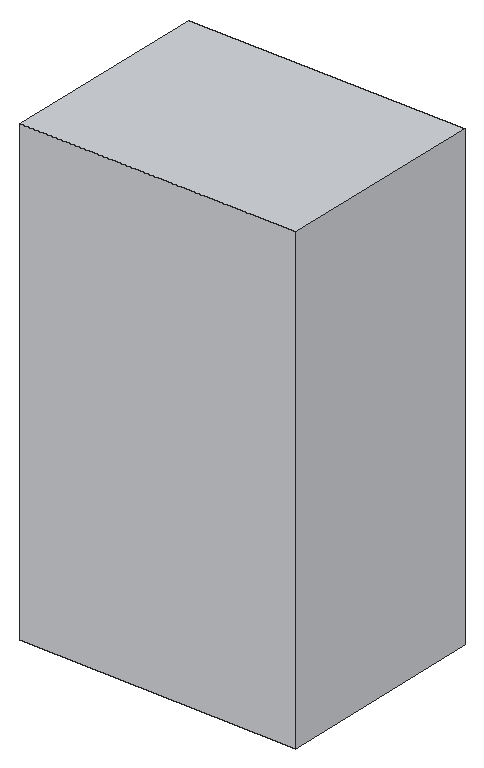
Revit family
Parameters
  Warranty Duration (Years) = 0
  Unit Width [instance] = 1' - 8 177/256"
  Unit Height [instance] = 0' - 9 99/256"
  Unit Depth = 0' - 0"
  URL = "http://www.americanspecialties.com/viewCategories.cfm"
  Trim Material = Metal - Stainless Steel w/satin
  Test Data = ""
  Specification = "http://www.arcat.com/sdspecs/htm/10810asi.htm"
  SpecWizard = ""
  Send Message = "http://www.arcat.com/users.pl?action=UserEmail&company=American%20Specialties,%20Inc.&coid=30448&rep=139&fax=914-476-0688&mf="
  Sales Information = "http://www.americanspecialties.com/contact"
  Revision = "R1_10-2010"
  Product Properties = "http://www.americanspecialties.com/datasheets/117.pdf"
  Product Data = "http://www.arcat.com/arcatcos/cos30/arc30448.html"
  Model = "As Specified in 10 28 13"
  Manufacturer Website = "http://www.americanspecialties.com/viewCategories.cfm"
  Manufacturer Phone - Toll Free = ""
  Manufacturer Phone = "914-476-9000 "
  Manufacturer Fax = "914-476-0688"
  Manufacturer Address = "441 Saw Mill River Rd., Yonkers, NY 10701"
  Manufacturer = "American Specialties, Inc."
  Maintenance Schedule (Months) = 0
  Keynote = "10 28 13"
  Installation-Fabrication = "http://www.americanspecialties.com/products.cfm"
  Green Building-LEED = ""
  Expected Lifespan (Years) = 0
  Drawn By = "Robert S. Weygant. CSI, CDT, SCIP"  # constant formula
  Description = "Toilet Accessory as Specified in 10 28 13"
  Default Elevation = 4' - 0"
  Copyright = "©Arcat Inc."
  Construction Details = "http://www.arcat.com/green/clients/leed_data_30448.html"
  Building Codes = "http://www.americanspecialties.com/products.cfm"
  Body Material = Metal - Stainless Steel w/satin
  Assembly Code = "C1030210"
Reference planes (in)
  plane 1 "Center (Front/Back)": y = -0.29112
  plane 2 "Floor Line": z = 0
  plane 3 "Center (Left/Right)": x = -0.65843
Forms (in)
  Extrusion 1, solid
    sketch origin (-3, -9, -6) x (0, 0, -1) y (1, 0, 0)
      loop
        line (-82, 26) -> (-82, -19.34712) -> (-6, -19.34712) -> (-6, 26) -> (-82, 26)
    from 9 to -25.60721
  Extrusion 2, solid, material "Metal - Stainless Steel w/satin" <- "Body Material"
    sketch origin (0, 0.4559, 0) x (1, 0, 0) y (0, 0, 1)
      loop
        line (-3.03343, 1.75) -> (-3.03343, 0) -> (1.71657, 0) -> (1.71657, 1.75)
        arc (1.71657, 1.75) -> (1.42367, 2.45711) -> (0.71657, 2.75) r 1
        arc (0.71657, 2.75) -> (0.21834, 2.4989) -> (0.1238, 1.94904) r 0.61982
        line (0.1238, 1.94904) -> (0.25609, 1.94904)
        arc (0.25609, 1.94904) -> (0.30762, 2.40876) -> (0.71657, 2.625) r 0.49482
        arc (0.71657, 2.625) -> (1.33528, 2.36872) -> (1.59157, 1.75) r 0.875
        line (1.59157, 1.75) -> (1.59157, 0.125) -> (-2.90843, 0.125) -> (-2.90843, 1.75)
        arc (-2.90843, 1.75) -> (-2.65215, 2.36872) -> (-2.03343, 2.625) r 0.875
        arc (-2.03343, 2.625) -> (-1.62449, 2.40876) -> (-1.57296, 1.94904) r 0.49482
        line (-1.57296, 1.94904) -> (-1.44067, 1.94904)
        arc (-1.44067, 1.94904) -> (-1.53521, 2.4989) -> (-2.03343, 2.75) r 0.61982
        arc (-2.03343, 2.75) -> (-2.74054, 2.45711) -> (-3.03343, 1.75) r 1
    from 5.24701 to -3.75299
  Extrusion 3, solid, material "Metal - Stainless Steel w/satin" <- "Body Material"
    sketch origin (0, -0.29112, 0) x (1, 0, 0) y (0, 0, 1)
      loop
        line (-3.03343, 0) -> (1.71657, 0) -> (1.71657, 1.75)
        arc (1.71657, 1.75) -> (1.42367, 2.45711) -> (0.71657, 2.75) r 1
        arc (0.71657, 2.75) -> (0.22, 2.50113) -> (0.1222, 1.95437) r 0.61982
        line (0.1222, 1.95437) -> (-1.43907, 1.95437)
        arc (-1.43907, 1.95437) -> (-1.53687, 2.50113) -> (-2.03343, 2.75) r 0.61982
        arc (-2.03343, 2.75) -> (-2.74054, 2.45711) -> (-3.03343, 1.75) r 1
        line (-3.03343, 1.75) -> (-3.03343, 0)
    from 4.375 to 4.5
  Extrusion 4, void
    sketch origin (-0.65843, 0, 0) x (0, 1, 0) y (0, 0, 1)
      loop
        line (4.20888, 0.125) -> (4.20888, 3.125) -> (1.50767, 3.125) -> (4.20888, 0.125)
    from 0 to -2.375
  Extrusion 5, void
    sketch origin (-0.65843, 0, 0) x (0, 1, 0) y (0, 0, -1)
      loop
        line (4.20888, -0.125) -> (1.50767, -3.125) -> (4.20888, -3.125) -> (4.20888, -0.125)
    from 0 to -2.375
  Extrusion 6, void
    sketch origin (0, 0, 0) x (1, 0, 0) y (0, 1, 0)
      loop
        circle (-2.40843, 2.95888) r 0.125
      loop
        circle (1.09157, 2.95888) r 0.125
      loop
        circle (-2.40843, -2.54112) r 0.125
      loop
        circle (1.09157, -2.54112) r 0.125
    from 0.125 to 0
Cuts and joins
  Extrusion 4, Extrusion 5, Extrusion 6 cuts Extrusion 2
Dimensions and locks (in)
  aligned and locked: Extrusion 1 to level
  aligned and locked: Extrusion 2 to Extrusion 6
  aligned and locked: Extrusion 6 to level
